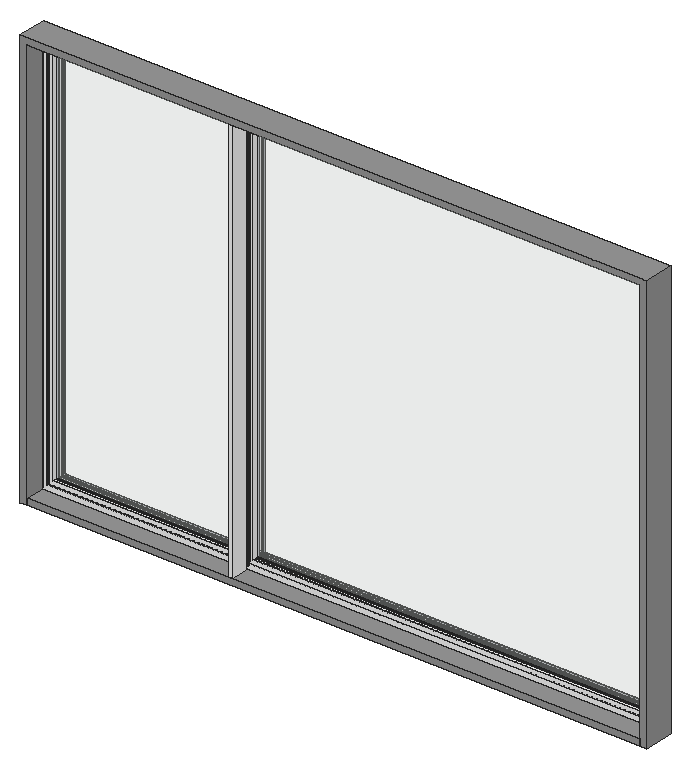
Revit family "WBW_F_2vak Hor_1vak Ver", category Windows, host Wall, Revit 2013
Parameters
  Versterking Buitenzijde = no
  Versterking Binnenzijde = yes
  VerborgenVleugelVerzwaard = no
  URL = "http://www.kawneer.com/bcs/architectuursystemen/en/about/locations.asp"
  Type Comments = "Vrij te parameteriseren Revit Model"  # constant formula
  Spouwdiepte = 130 mm
  Speling Pui_buitenblad MW Onderzijde = 10 mm
  Speling Pui_ buitenblad MW = 10 mm
  ScheduleType |RF| = "WBC_W_F"
  RT 72 = no
  RT 62 = yes
  RT 52 = no
  Operation = "IfcWindow"
  OffsetVkKozijnVkStelkozijn = 13 mm
  Nen 5096 R.c. 2 = no
  NL-SfB-Code = "31.21.22"  # constant formula
  Model = "NLSfb naam"
  Manufacturer Tel. = "+31341-464631 / harold.kok@Kawneer.com"  # constant formula
  Manufacturer = ""
  Kleur H&S = NVT
  Kleur Buitenzijde Vleugel = Kawneer RAL 9010
  Kleur Buitenzijde = Kawneer RAL 9010
  Kleur Binnenzijde Vleugel = Kawneer RAL 9010
  Kleur Binnenzijde = Kawneer RAL 9010
  Keynote = "30.34"
  Hoogte Tussen regel 5 = 0 mm
  Hoogte Tussen regel 4 = 0 mm
  Hoogte Tussen regel 3 = 0 mm
  Hoogte Tussen regel 2 = 0 mm
  Hoogte Tussen regel 1 = 0 mm
  Height = 1800 mm
  HalveSpouw_OffsetVkKozijn_Stelkozijn = HalveSpouw + OffsetVkKozijnVkStelkozijn  # 78 mm
  HalveSpouw = Spouwdiepte / 2  # 65 mm
  GlassType = Glass, Clear Glazing, Low E
  Glasdikte (totaal) = 29 mm  # constant formula
  DikteStelkozijn_SpelingPui_BuitenbladMW = Dikte Stelkozijn - Speling Pui_ buitenblad MW  # 17 mm
  DikteStelkozijnOnderzijde_SpelingPui_BuitenbladMWOnderzijde = Dikte Stelkozijn onderzijde - Speling Pui_buitenblad MW Onderzijde  # 17 mm
  Dikte Stelkozijn onderzijde = 27 mm
  Dikte Stelkozijn = 27 mm
  Diepte Versterking Buitenzijde_30_50_85 = 30 mm
  Diepte Versterking Binnenzijde_30_55_75 = 75 mm
  Description = if(RT 52, "Kawneer RT 52 Raam volgens bijbehorende productomschrijving' Standaard systeemomschrijving RT 52 standaard vlak'", if(RT 62, "Kawneer RT 62 Raam volgens bijbehorende productomschrijving 'Standaard systeemomschrijving RT 62 standaard vlak'", "Kawneer RT 72 Raam volgens bijbehorende productomschrijving 'Standaard systeemomschrijving RT 72 standaard vlak'"))  # "Kawneer RT 62 Raam volgens bijbehorende productomschrijving 'Standaard systeemomschrijving RT 62 standaard vlak'"
  Default Sill Height = 450 mm
  Wall Closure = By host
  Width = 2700 mm
  Cost = 0
  BreedteMaat_5 = 0 mm
  BreedteMaat_4 = 0 mm
  BreedteMaat_3 = 0 mm
  BreedteMaat_2 = Width * (2 / 3)  # 1800 mm
  BreedteMaat_1 = Width * (1 / 3)  # 900 mm
  Brandwerendheid_old = no
  Brandwerendheid = no
  Brandwerend volgens: = if(and(RT 52, Brandwerendheid), "Niet mogelijk binnen dit systeem_kiest u RT 62 of RT 72", if(and(RT 62, Brandwerendheid), "Nen 6069 criteria Ew30 mits uitgevoerd conform rapport 2010-Efectis-R0226[Rev.4] Brandbeoordeling EW 30", if(and(RT 72, Brandwerendheid), "Nen 6069 criteria Ew30 mits uitgevoerd concorm rapport g2013005803r001DGMR RT72 brandbeoordeling EW30", "-")))  # "-"
  Beslag Resume 05 = if(Nen 5096 R.c. 2, "Inbraakwerend volgens attest ALCOA SKG.0055.0292.07.NL (klasse 2)", "Niet inbraakwerend")  # "Niet inbraakwerend"
  Beslag Resume 04 = "Vaste beglazing"  # constant formula
  Assembly Code = "B2020110"
  Analytic Construction = "<None>"
  Aanzichtbreedte Tussen Stijlen _68_78_88_110_150_200mm = 78
  Aanzichtbreedte Tussen Regels _68_78_88_110_150_200mm = 200
  Aanzichtbreedte Kozijn Profielen_68_78_88_110_150mm = 68
  AanzichtLijnDraai = no
  Aanzicht Tussen Stijl 88mm = (Aanzichtbreedte Tussen Stijlen _68_78_88_110_150_200mm = 88)  # no
  Aanzicht Tussen Stijl 78mm = (Aanzichtbreedte Tussen Stijlen _68_78_88_110_150_200mm = 78)  # yes
  Aanzicht Tussen Stijl 68mm = (Aanzichtbreedte Tussen Stijlen _68_78_88_110_150_200mm = 68)  # no
  Aanzicht Tussen Stijl 200mm = (Aanzichtbreedte Tussen Stijlen _68_78_88_110_150_200mm = 200)  # no
  Aanzicht Tussen Stijl 150mm = (Aanzichtbreedte Tussen Stijlen _68_78_88_110_150_200mm = 150)  # no
  Aanzicht Tussen Stijl 110mm = (Aanzichtbreedte Tussen Stijlen _68_78_88_110_150_200mm = 110)  # no
  Aanzicht Tussen Stijl = ""
  Aanzicht Tussen Regel 88mm = (Aanzichtbreedte Tussen Regels _68_78_88_110_150_200mm = 88)  # no
  Aanzicht Tussen Regel 78mm = (Aanzichtbreedte Tussen Regels _68_78_88_110_150_200mm = 78)  # no
  Aanzicht Tussen Regel 68mm = (Aanzichtbreedte Tussen Regels _68_78_88_110_150_200mm = 68)  # no
  Aanzicht Tussen Regel 200mm = (Aanzichtbreedte Tussen Regels _68_78_88_110_150_200mm = 200)  # yes
  Aanzicht Tussen Regel 150mm = (Aanzichtbreedte Tussen Regels _68_78_88_110_150_200mm = 150)  # no
  Aanzicht Tussen Regel 110mm = (Aanzichtbreedte Tussen Regels _68_78_88_110_150_200mm = 110)  # no
  Aanzicht Tussen Regel = ""
  Aanzicht Kader 88mm = (Aanzichtbreedte Kozijn Profielen_68_78_88_110_150mm = 88)  # no
  Aanzicht Kader 78mm = (Aanzichtbreedte Kozijn Profielen_68_78_88_110_150mm = 78)  # no
  Aanzicht Kader 68mm = (Aanzichtbreedte Kozijn Profielen_68_78_88_110_150mm = 68)  # yes
  Aanzicht Kader 110mm = (Aanzichtbreedte Kozijn Profielen_68_78_88_110_150mm = 110)  # no
  Aanzicht Kader = ""
Reference planes
  plane 1 "Center (Front/Back)": y = 0
  plane 2 "Center (Left/Right)": x = 0
  plane 3 "Left": x = -1350
  plane 4 "Right": x = 1350
  plane 5 "Sill": z = 450
  plane 6 "Head": z = 2250
  plane 7 "Exterior": y = 100
  plane 8 "Interior": y = -100
  plane 9 "Dagkant Buitenblad metselwerk Links": x = -1360
  plane 10 "Dagkant Buitenblad metselwerk Rechts": x = 1360
  plane 11 "Dagkant Stelkozijn_Binnenblad metselwewrk Links": x = -1333
  plane 12 "Dagkant Stelkozijn_Binnenblad metselwewrk Rechts": x = 1333
  plane 13 "VK Pui": y = 78
  plane 14 "AK Buitenblad MW": y = 90
  plane 15 "VK Stelkozijn": y = 65
  plane 16 "AK Pui": y = -40
  plane 17 "VK Binnenblad MW": y = -65
  plane 18: z = 2260
  plane 19: z = 2233
  plane 20: z = 467
  plane 21: z = 440
Forms (mm)
  Sweep 1, void
    path origin (0, 100, 0) x (1, 0, 0) y (0, 0, 1)
      loop
        line (1350, 2250) -> (-1350, 2250) -> (-1350, 450) -> (1350, 450) -> (1350, 2250)
    profile origin (0, 100, 2250) x (0, 0, -1) y (0, -1, 0)
      loop
        line (-10, 0) -> (17, 0) -> (17, 165) -> (-10, 165) -> (-10, 0)
  Extrusion 2, void
    sketch origin (0, 100, 0) x (1, 0, 0) y (0, 0, 1)
      loop
        line (1333, 2233) -> (-1333, 2233) -> (-1333, 467) -> (1333, 467) -> (1333, 2233)
    from 0 to 200
  Sweep 3, solid, material "Wood"
    path origin (0, 0, 0) x (1, 0, 0) y (0, 0, 1)
      loop
        line (1349.822, 440) -> (1349.822, 2250) -> (-1350, 2250) -> (-1350, 440)
    profile origin (-0.089, 0, 2250) x (0, 0, -1) y (0, -1, 0)
      loop
        line (-10, -65) -> (17, -65) -> (17, 65) -> (-10, 65) -> (-10, -65)
  Sweep 4, solid, material "Wood"
    path origin (0, 0, 0) x (1, 0, 0) y (0, 0, 1)
      loop
        line (1332.822, 450) -> (-1333, 450)
    profile origin (-0.089, 0, 450) x (0, 0, -1) y (0, -1, 0)
      loop
        line (-17, -65) -> (10, -65) -> (10, 65) -> (-17, 65) -> (-17, -65)
Text (mm)
  text "EXTERIOR" at (-1963.203, 1332.353, 0), in view "Ref. Level"
  text "INTERIOR" at (-1981.466, -818.386, 0), in view "Ref. Level"
  text "Exterior" at (0, 923.751, 2943.296), in view "Right"
  text "Exterior" at (0, 1040.484, 2685.409), in view "Left"
Dimensions and locks
  equal spacing: plane 3 "Left", plane 2 "Center (Left/Right)", plane 4 "Right"
  "Width": plane 3 "Left" to plane 4 "Right"
  "Height": plane 5 "Sill" to plane 6 "Head"
  "Default Sill Height": plane 5 "Sill" to level
  locked: plane 7 "Exterior" to host wall at 0
  locked: plane 8 "Interior" to host wall
  "Speling Pui_ buitenblad MW": plane 9 "Dagkant Buitenblad metselwerk Links" to plane 3 "Left"
  "Speling Pui_ buitenblad MW": plane 4 "Right" to plane 10 "Dagkant Buitenblad metselwerk Rechts"
  "DikteStelkozijn_SpelingPui_BuitenbladMW": plane 3 "Left" to plane 11 "Dagkant Stelkozijn_Binnenblad metselwewrk Links"
  "DikteStelkozijn_SpelingPui_BuitenbladMW": plane 12 "Dagkant Stelkozijn_Binnenblad metselwewrk Rechts" to plane 4 "Right"
  "Speling Pui_ buitenblad MW": plane 6 "Head" to plane 18
  "Speling Pui_buitenblad MW Onderzijde": plane 5 "Sill" to plane 21
  "DikteStelkozijn_SpelingPui_BuitenbladMW": plane 19 to plane 6 "Head"
  "DikteStelkozijnOnderzijde_SpelingPui_BuitenbladMWOnderzijde": plane 5 "Sill" to plane 20
  "HalveSpouw": plane 15 "VK Stelkozijn" to plane 1 "Center (Front/Back)"
  "HalveSpouw": plane 1 "Center (Front/Back)" to plane 17 "VK Binnenblad MW"
  "HalveSpouw_OffsetVkKozijn_Stelkozijn": plane 13 "VK Pui" to plane 1 "Center (Front/Back)"
  aligned and locked: Sweep 1 sketch curve to plane 6 "Head"
  aligned and locked: Sweep 1 sketch curve to plane 4 "Right"
  aligned and locked: plane 5 "Sill" to Sweep 1 sketch curve
  aligned and locked: plane 3 "Left" to Sweep 1 sketch curve
  aligned and locked: Sweep 1 sketch curve to plane 18
  aligned and locked: plane 19 to Sweep 1 sketch curve
  aligned and locked: plane 17 "VK Binnenblad MW" to Sweep 1 sketch curve
  aligned and locked: Extrusion 2 sketch curve to Sweep 1  (x4)
  aligned and locked: host wall to Extrusion 2
  aligned and locked: Sweep 3 sketch curve to plane 6 "Head"
  aligned and locked: Sweep 3 sketch curve to plane 18
  aligned and locked: Sweep 3 sketch curve to plane 15 "VK Stelkozijn"
  aligned and locked: plane 19 to Sweep 3 sketch curve
  aligned and locked: plane 17 "VK Binnenblad MW" to Sweep 3 sketch curve
  aligned and locked: plane 21 to Sweep 3 sketch curve
  aligned and locked: plane 3 "Left" to Sweep 3 sketch curve
  aligned and locked: Sweep 4 sketch curve to plane 20
  aligned and locked: Sweep 4 sketch curve to plane 15 "VK Stelkozijn"
  aligned and locked: Sweep 4 sketch curve to Sweep 3  (x2)
  aligned and locked: nested 1 to plane 13 "VK Pui"
  aligned and locked: plane 6 "Head" to nested 1
  aligned and locked: plane 4 "Right" to nested 1
Automatic sketch dimensions
  Sweep 1 sketch curve to plane 7 "Exterior" = 0 mm
  Sweep 3 sketch curve to plane 21 = 0 mm
  plane 4 "Right" to Sweep 3 sketch curve = 0.178 mm
  Sweep 4 sketch curve to plane 5 "Sill" = 0 mm
  plane 11 "Dagkant Stelkozijn_Binnenblad metselwewrk Links" to Sweep 4 sketch curve = 0 mm
  plane 12 "Dagkant Stelkozijn_Binnenblad metselwewrk Rechts" to Sweep 4 sketch curve = 0.178 mm
Nested families
  nested 1: "GMW_F_2vak Hor_1vak Ver" at (0, 78, 450), type "GMW_F_2vak Hor_1vak Ver"
    with HLPM 2145 mm
Definition of nested family "GMW_F_2vak Hor_1vak Ver"
  Parameters (values of type "GMW_F_2vak Hor_1vak Ver")
    Width = 2700 mm
    Versterking Buitenzijde = no
    Versterking Binnenzijde = yes
    VerborgenWaterAfvoer = no
    SysteemDiepteVleugel = SysteemDiepte + 7.8 mm  # 70 mm
    SysteemDiepte = if(RT 52, 52.2 mm, if(RT 62, 62.2 mm, 72.2 mm))  # 62.2 mm
    SweepOffset = (BodyHeight + 44 mm) / 2  # 34 mm
    ScharnierenAan_Uit = yes
    RT 72 = no
    RT 62 = yes
    RT 52 = no
    P3vleugel = SysteemDiepteVleugel - 32 mm  # 38 mm
    P3 = SysteemDiepte - 20.7 mm  # 41.5 mm
    Kleur H&S = NVT
    Kleur Buitenzijde Vleugel = none
    Kleur Buitenzijde = none
    Kleur Binnenzijde Vleugel = Kawneer RAL 9001
    Kleur Binnenzijde = Kawneer RAL 9001
    IsoPositionerVent = if(Aanzicht Vleugel 35mm, 42.7 mm, if(Aanzicht Vleugel 45mm, 52.7 mm, 73.7 mm))  # 52.7 mm
    IsoPositionerTProfile = if(Aanzicht Kader 68mm, 41 mm, if(Aanzicht Kader 78mm, 51 mm, if(Aanzicht Kader 88mm, 61 mm, 83 mm)))  # 41 mm
    Hoogte tussen regel = 645 mm
    Hoogte Tussen regel 5 = 0 mm
    Hoogte Tussen regel 4 = 0 mm
    Hoogte Tussen regel 3 = 0 mm
    Hoogte Tussen regel 2 = 0 mm
    Hoogte Tussen regel 1 = 0 mm
    Height = 1800 mm
    Handgreep SI_line = no
    Handgreep A_line = no
    HLPM [instance] = 2145 mm
    Glassponning 2 = BodyHeight / 2  # 12 mm
    Glassponning 1 = BodyHeight / 2  # 12 mm
    GlassType = Glass, Clear Glazing, Low E
    Glasdikte (totaal) = 29 mm
    Diepte Versterking Buitenzijde_30_50_85 = 30 mm
    Diepte Versterking Binnenzijde_30_55_75 = 75 mm
    BreedteMaat_5 = 0 mm
    BreedteMaat_4 = 0 mm
    BreedteMaat_3 = 0 mm
    BreedteMaat_2 = 1800 mm
    BreedteMaat_1 = 900 mm
    BodyHeightVent = if(Aanzicht Vleugel 35mm, 15.7 mm, if(Aanzicht Vleugel 45mm, 25.7 mm, 46.7 mm))  # 25.7 mm
    BodyHeight = if(Aanzicht Kader 68mm, 24 mm, if(Aanzicht Kader 78mm, 34 mm, if(Aanzicht Kader 88mm, 44 mm, 66 mm)))  # 24 mm
    Beslag Nen 5096 R.c. 3 = no
    Beslag Nen 5096 R.c. 2 = no
    AanzichtlLijnVal = no
    AanzichtLijnDraai = no
    Aanzicht Vleugel 66mm = no
    Aanzicht Vleugel 45mm = yes
    Aanzicht Vleugel 35mm = no
    Aanzicht Vleugel = ""
    Aanzicht Tussen Stijl 88mm = no
    Aanzicht Tussen Stijl 78mm = yes
    Aanzicht Tussen Stijl 68mm = no
    Aanzicht Tussen Stijl 200mm = no
    Aanzicht Tussen Stijl 150mm = no
    Aanzicht Tussen Stijl 110mm = no
    Aanzicht Tussen Stijl = ""
    Aanzicht Tussen Regel 88mm = no
    Aanzicht Tussen Regel 78mm = no
    Aanzicht Tussen Regel 68mm = no
    Aanzicht Tussen Regel 200mm = yes
    Aanzicht Tussen Regel 150mm = no
    Aanzicht Tussen Regel 110mm = no
    Aanzicht Tussen Regel = ""
    Aanzicht Kader 88mm = no
    Aanzicht Kader 78mm = no
    Aanzicht Kader 68mm = yes
    Aanzicht Kader 110mm = no
    Aanzicht Kader = ""
  Reference planes
    plane 1 "Center (Front/Back)": y = 0
    plane 2: z = 0
    plane 3 "Center (Left/Right)": x = 0
    plane 4 "LP Top": z = 1800
    plane 5 "LP Left": x = -1350
    plane 6 "LP Right": x = 1350
    plane 7: y = 7.6
    plane 8: y = 36.6
    plane 9: y = 62.2
    plane 10: z = 0
    plane 11 "LP Bottom": z = 0
    plane 12 "Deler#1": x = -770
    plane 13: x = -450
  Dimensions and locks
    plane 1 "Center (Front/Back)" to plane 7 = 7.6 mm
    plane 7 to plane 8 = 29 mm
    "SysteemDiepte": plane 1 "Center (Front/Back)" to plane 9
    "Height": plane 4 "LP Top" to plane 11 "LP Bottom"
    "Width": plane 5 "LP Left" to plane 6 "LP Right"
    equal spacing: plane 5 "LP Left", plane 3 "Center (Left/Right)", plane 6 "LP Right"
    "BreedteMaat_1": plane 5 "LP Left" to plane 13
    aligned and locked: level to plane 2
    aligned and locked: plane 5 "LP Left" to nested 1
    aligned and locked: plane 6 "LP Right" to nested 1
    aligned and locked: nested 1 to nested 2  (x2)
    aligned and locked: nested 2 to plane 13
    aligned and locked: plane 1 "Center (Front/Back)" to nested 4
    aligned and locked: nested 2 to nested 4
    aligned and locked: nested 1 to nested 3  (x3)
    aligned and locked: nested 3 to nested 2
    aligned and locked: nested 1 to nested 4  (x2)
    aligned and locked: nested 4 to nested 1
    aligned and locked: nested 1 to plane 2
    aligned and locked: level to plane 11 "LP Bottom"
    aligned and locked: nested 1 to plane 4 "LP Top"
  Nested families
    nested 1: "KADER" at (0, 0, 0), type "KADER"
      with HLPM 1800 mm, BLMP 2700 mm, SysteemDiepte 62.2 mm, RT 72 no, RT 62 yes, P3 41.5 mm
    nested 2: "RT 72V T profiel REINF" at (-450, 0, 894), type "T"
      with FPL 1720 mm
    nested 3: "Glasvast" at (435.5, 0, 895.37), type "Glasvast"
      with Grip#2 1737 mm, Grip#1 1720 mm
    nested 4: "Glasvast" at (-885.5, 0, 895.37), type "Glasvast"
      with Grip#2 837 mm, Grip#1 1720 mm
  Definition of nested family "KADER"
    Parameters (values of type "KADER")
      VerborgenWaterAfvoer = yes
      SysteemDiepte = 72.2 mm
      SweepOffset = 34 mm
      RT 72 = yes
      RT 62 = no
      RT 52 = no
      P3 = 51.5 mm
      Kleur Buitenzijde = none
      Kleur Binnenzijde = none
      IsoPositionerTProfile = 41 mm
      HLPM [instance] = 1800 mm
      Glassponning 2 = 12 mm
      Glassponning 1 = 12 mm
      BodyHeight = 24 mm
      BLMP [instance] = 1200 mm
      Aanzicht Kader 88mm = no
      Aanzicht Kader 78mm = no
      Aanzicht Kader 68mm = yes
      Aanzicht Kader 110mm = no
    Reference planes
      plane 1 "Center (Front/Back)": y = 0
      plane 2: z = 0
      plane 3 "Center (Left/Right)": x = 0
      plane 4 "LP Top": z = 1800
      plane 5: z = 1778
      plane 6: z = 1754
      plane 7: z = 22
      plane 8: z = 46
      plane 9: x = -566
      plane 10: x = -578
      plane 11 "LP Left": x = -600
      plane 12: x = 554
      plane 13: x = 578
      plane 14 "LP Right": x = 600
      plane 15: x = -554
      plane 16: z = 34
      plane 17: z = 1766
      plane 18: x = 566
      plane 19: z = 0
      plane 20 "BinnenzijdeKozijn": y = 72.2
    Forms (mm)
      Sweep 1, solid, material <- "Kleur Buitenzijde"
        path origin (0, 0, 0) x (1, 0, 0) y (0, 0, 1)
          loop
            line (566, 34) -> (566, 1766) -> (-566, 1766) -> (-566, 34) -> (566, 34)
        profile "T VWA buitenschaal : RT NL" origin (0, 0, 34) x (0, 0, -1) y (0, -1, 0)
          loop
            line (34, 0) -> (-34, 0) -> (-34, -4) -> (-31.5, -4) -> (-31.5, -3) -> (-32.8, -3) -> (-32.8, -1.4) -> (-27.2, -1.4) -> (-27.2, -3) -> (-28.5, -3) -> (-28.5, -4) -> (-24.5, -4) -> (-24.5, -3.2) -> (-26, -3.2) -> (-26, -1.6) -> (-23, -1.6) -> (-7, -1.806) -> (-7, -16.3) -> (-10.5, -16.3) -> (-10.5, -14.7) -> (-11.5, -14.7) -> (-11.5, -19.2) -> (-10.5, -19.2) -> (-10.5, -17.8) -> (-7, -17.8) -> (-7, -21.9) -> (-5.1, -20.7) -> (5.1, -20.7) -> (7, -21.9) -> (7, -17.8) -> (10.5, -17.8) -> (10.5, -19.2) -> (11.5, -19.2) -> (11.5, -14.7) -> (10.5, -14.7) -> (10.5, -16.3) -> (7, -16.3) -> (7, -10.2) -> (28.563, -10.2) -> (28.563, -9.2) -> (27.263, -9.2) -> (27.263, -7.6) -> (32.863, -7.6) -> (32.863, -9.2) -> (31.563, -9.2) -> (31.563, -10.2) -> (34, -10.2) -> (34, 0)
      Sweep 2, solid
        path origin (0, 0, 0) x (1, 0, 0) y (0, 0, 1)
          loop
            line (566, 34) -> (566, 1766) -> (-566, 1766) -> (-566, 34) -> (566, 34)
        profile "T-profiel Iso : RT NL" origin (0, 0, 34) x (0, 0, -1) y (0, -1, 0)
          loop
            line (4.886, -50.521) -> (6.95, -49.33) -> (6.95, -27.2) -> (11.45, -27.2) -> (11.45, -24.6) -> (10.45, -24.6) -> (10.45, -26) -> (6.95, -26) -> (6.95, -22.836) -> (4.886, -21.644) -> (4.886, -20.7) -> (-4.886, -20.7) -> (-4.886, -21.644) -> (-6.95, -22.836) -> (-6.95, -26) -> (-10.45, -26) -> (-10.45, -24.6) -> (-11.45, -24.6) -> (-11.45, -27.2) -> (-6.95, -27.2) -> (-6.95, -49.33) -> (-4.886, -50.521) -> (-4.886, -51.5) -> (4.886, -51.5) -> (4.886, -50.521)
      Sweep 3, solid, material <- "Kleur Binnenzijde"
        path origin (0, 0, 0) x (1, 0, 0) y (0, 0, 1)
          loop
            line (566, 34) -> (566, 1766) -> (-566, 1766) -> (-566, 34) -> (566, 34)
        profile "T binnenschaal : RT NL" origin (0, 0, 34) x (0, 0, -1) y (0, -1, 0)
          loop
            line (12.003, -72.2) -> (12.003, -68) -> (10.503, -68) -> (10.503, -70.4) -> (7, -70.4) -> (7, -55.7) -> (10.503, -55.7) -> (10.503, -57.78) -> (11.803, -57.78) -> (11.803, -52.4) -> (10.503, -52.4) -> (10.503, -54) -> (7, -54) -> (7, -50.3) -> (5.1, -51.5) -> (-5.1, -51.5) -> (-7.062, -50.279) -> (-7.062, -54) -> (-10.497, -54) -> (-10.497, -52.4) -> (-11.797, -52.4) -> (-11.797, -57.8) -> (-10.497, -57.8) -> (-10.497, -55.7) -> (-7, -55.7) -> (-7, -70.4) -> (-10.497, -70.4) -> (-10.497, -68) -> (-11.997, -68) -> (-11.997, -72.2) -> (12.003, -72.2)
      Sweep 4, solid
        path origin (0, 0, 0) x (1, 0, 0) y (0, 0, 1)
          loop
            line (-600, 0) -> (600, 0) -> (600, 1800) -> (-600, 1800) -> (-600, 0)
        profile origin (-600, 0, 900) x (-1, 0, 0) y (0, -1, 0)
          loop
            line (-0.372, -10.397) -> (-2.491, -10.397) -> (-2.491, -9.06) -> (-1.662, -9.06) -> (-1.662, -7.996) -> (-6.3, -7.996) -> (-6.3, -9.06) -> (-5.389, -9.06) -> (-5.389, -10.397) -> (-8.271, -10.397) -> (-8.271, -12.283) -> (-6.728, -13.197) -> (-0.922, -13.197) -> (0.092, -12.184) -> (0.092, -11.075) -> (-0.372, -10.397)
    Lines and regions (mm)
      model lines
        curve 1: line (532, 0, 68) -> (600.092, 0, -0.092)
        curve 2: line (-532, 0, 68) -> (-600.092, 0, -0.092)
        curve 3: line (-600.092, 0, 1800.092) -> (-532, 0, 1732)
        curve 4: line (600, 0, 1800) -> (532, 0, 1732)
        curve 5: line (554.003, 72.2, 45.997) -> (578.003, 72.2, 21.997)
        curve 6: line (-554.003, 72.2, 45.997) -> (-578.003, 72.2, 21.997)
        curve 7: line (-554.003, 72.2, 1754.003) -> (-578.003, 72.2, 1778.003)
        curve 8: line (554.003, 72.2, 1754.003) -> (578.003, 72.2, 1778.003)
    Dimensions and locks
      equal spacing: plane 11 "LP Left", plane 3 "Center (Left/Right)", plane 14 "LP Right"
      "BLMP": plane 11 "LP Left" to plane 14 "LP Right"
      "SweepOffset": plane 4 "LP Top" to plane 17
      "SweepOffset": plane 16 to level
      "SweepOffset": plane 18 to plane 14 "LP Right"
      "SweepOffset": plane 11 "LP Left" to plane 9
      "Glassponning 1": plane 9 to plane 10
      "Glassponning 2": plane 15 to plane 9
      "Glassponning 1": plane 16 to plane 7
      "Glassponning 2": plane 8 to plane 16
      "Glassponning 2": plane 18 to plane 12
      "Glassponning 1": plane 13 to plane 18
      "Glassponning 1": plane 5 to plane 17
      "Glassponning 2": plane 17 to plane 6
      "HLPM": plane 4 "LP Top" to plane 19
      "SysteemDiepte": plane 1 "Center (Front/Back)" to plane 20 "BinnenzijdeKozijn"
      aligned and locked: level to plane 2
      aligned and locked: nested 2 to plane 1 "Center (Front/Back)"
      aligned and locked: plane 1 "Center (Front/Back)" to nested 1
      aligned and locked: nested 1 to plane 11 "LP Left"
      aligned and locked: nested 3 to plane 1 "Center (Front/Back)"
      aligned and locked: nested 3 to level
      aligned and locked: plane 1 "Center (Front/Back)" to nested 4
      aligned and locked: nested 4 to plane 4 "LP Top"
      aligned and locked: level to plane 19
      aligned and locked: curve 5 to Sweep 3
      aligned and locked: Sweep 3 to curve 5
      aligned and locked: Sweep 3 to curve 8
      aligned and locked: nested 2 to plane 14 "LP Right"
    Automatic sketch dimensions
      Sweep 1 sketch curve to plane 9 = 0 mm
      Sweep 1 sketch curve to plane 16 = 0 mm
      Sweep 1 sketch curve to plane 18 = 0 mm
      Sweep 1 sketch curve to plane 17 = 0 mm
      Sweep 2 sketch curve to plane 9 = 0 mm
      Sweep 2 sketch curve to plane 16 = 0 mm
      Sweep 2 sketch curve to plane 18 = 0 mm
      Sweep 2 sketch curve to plane 17 = 0 mm
      Sweep 3 sketch curve to plane 9 = 0 mm
      Sweep 3 sketch curve to plane 17 = 0 mm
      Sweep 3 sketch curve to plane 18 = 0 mm
      Sweep 3 sketch curve to plane 16 = 0 mm
      Sweep 4 sketch curve to plane 4 "LP Top" = 0 mm
      plane 14 "LP Right" to Sweep 4 sketch curve = 0 mm
      plane 11 "LP Left" to Sweep 4 sketch curve = 0 mm
      Sweep 4 sketch curve to level = 0 mm
      profile plane to Sweep 4 sketch curve = 8.271 mm
      Sweep 4 sketch curve to plane 1 "Center (Front/Back)" = 13.197 mm
      Sweep 4 sketch curve to Sweep 4 sketch curve = 1.543 mm
      Sweep 4 sketch curve to Sweep 4 sketch curve = 1.971 mm
      Sweep 4 sketch curve to Sweep 4 sketch curve = 0.91 mm
      profile plane to Sweep 4 sketch curve = 2.491 mm
      Sweep 4 sketch curve to Sweep 4 sketch curve = 0.829 mm
      profile plane to Sweep 4 sketch curve = 0.922 mm
      Sweep 4 sketch curve to profile plane = 0.092 mm
      profile plane to Sweep 4 sketch curve = 0.372 mm
      Sweep 4 sketch curve to Sweep 4 sketch curve = 0.914 mm
      Sweep 4 sketch curve to Sweep 4 sketch curve = 1.013 mm
      Sweep 4 sketch curve to Sweep 4 sketch curve = 1.886 mm
      Sweep 4 sketch curve to Sweep 4 sketch curve = 0 mm
      Sweep 4 sketch curve to Sweep 4 sketch curve = 1.338 mm  (x2)
      Sweep 4 sketch curve to Sweep 4 sketch curve = 1.063 mm
      Sweep 4 sketch curve to Sweep 4 sketch curve = 0.677 mm
      curve 4 to plane 4 "LP Top" = 0 mm
      curve 4 to plane 14 "LP Right" = 0 mm
      plane 12 to curve 1 = 22 mm
      plane 12 to curve 4 = 22 mm
      curve 3 to plane 15 = 22 mm
      curve 2 to plane 15 = 22 mm
      plane 11 "LP Left" to curve 2 = 0.092 mm
      plane 11 "LP Left" to curve 3 = 0.092 mm
      curve 1 to plane 14 "LP Right" = 0.092 mm
      curve 4 to plane 6 = 22 mm
      curve 3 to plane 6 = 22 mm
      plane 8 to curve 1 = 22 mm
      plane 8 to curve 2 = 22 mm
      curve 2 to level = 0.092 mm
      curve 1 to level = 0.092 mm
      plane 4 "LP Top" to curve 3 = 0.092 mm
      plane 5 to curve 8 = 0.003 mm
      plane 5 to curve 7 = 0.003 mm
      plane 6 to curve 8 = 0.003 mm
      plane 6 to curve 7 = 0.003 mm
      curve 6 to plane 8 = 0.003 mm
      curve 5 to plane 8 = 0.003 mm
      curve 6 to plane 7 = 0.003 mm
      curve 5 to plane 7 = 0.003 mm
      curve 8 to plane 12 = 0.003 mm
      plane 15 to curve 7 = 0.003 mm
      plane 15 to curve 6 = 0.003 mm
      curve 7 to plane 10 = 0.003 mm
      curve 6 to plane 10 = 0.003 mm
    Nested families
      nested 1: "T VWA" at (-600, 0, 0), type "T VWA"
        with IsoPositionerTProfile 41 mm, Aanzicht 68mm yes, Aanzicht 110mm no
      nested 2: "T VWA" at (600, 0, 0) x (-1, 0, 0) z (0, 0, 1), type "T VWA"
        with IsoPositionerTProfile 41 mm, Aanzicht 68mm yes, Aanzicht 110mm no
      nested 3: "T VWA" at (0, 0, 0) x (0, 0, 1) z (1, 0, 0), type "T VWA"
        with IsoPositionerTProfile 41 mm, Aanzicht 68mm yes, Aanzicht 110mm no
      nested 4: "T VWA" at (0, 0, 1800) x (0, 0, -1) z (1, 0, 0), type "T VWA"
        with IsoPositionerTProfile 41 mm, Aanzicht 68mm yes, Aanzicht 110mm no
    Definition of nested family "T VWA"
      Parameters (values of type "test T")
        SysteemDiepte = 72.2 mm
        RT 72 = yes
        RT 62 = no
        RT 52 = no
        IsoPositionerTProfile = if(Aanzicht 68mm, 41 mm, if(Aanzicht 78mm, 51 mm, if(Aanzicht 88mm, 61 mm, 83 mm)))  # 83 mm
        Aanzicht 88mm = no
        Aanzicht 78mm = no
        Aanzicht 68mm = no
        Aanzicht 110mm = yes
      Reference planes
        plane 1 "Center (Front/Back)": y = 0
        plane 2: z = 0
        plane 3 "Center (Left/Right)": x = 0
        plane 4: x = 33.893
        plane 5: x = 83
        plane 6: y = 28.95
        plane 7: y = 41.565
        plane 8: y = 72.2
      Lines and regions (mm)
        model lines, style "Medium Lines", in view "Ref. Level", detail levels medium
          curve 1: line (0, 0, 0) -> (115.4, 0, 0)
          curve 2: line (27.05, 49.442, 0) -> (27.05, 22.903, 0)
      Dimensions and locks
        "SysteemDiepte": plane 8 to plane 1 "Center (Front/Back)"
        "IsoPositionerTProfile": plane 3 "Center (Left/Right)" to plane 5
        aligned and locked: import instance to plane 8  (x2)
        aligned and locked: plane 8 to import instance  (x2)
        aligned and locked: plane 5 to import instance  (x2)
        aligned and locked: import instance to plane 5
        aligned and locked: curve 2 to import instance
        aligned and locked: import instance to import instance  (x3)
      Automatic sketch dimensions
        curve 1 to plane 3 "Center (Left/Right)" = 0 mm
        plane 1 "Center (Front/Back)" to curve 1 = 0 mm
        plane 5 to curve 1 = 32.4 mm
        curve 2 to plane 6 = 6.047 mm
        plane 7 to curve 2 = 7.878 mm
  Definition of nested family "RT 72V T profiel REINF"
    Parameters (values of type "T")
      voidref1 = (BodyHeight + 44 mm) / 2  # 39 mm
      Voidpar#1 = BodyHeight + 44 mm  # 78 mm
      Versterking Buitenzijde = no
      Versterking Binnenzijde = yes
      URL = "http:\\\\www.alcoa-architectuursystemen.nl"
      Type Comments = "ALCOA"  # constant formula
      SysteemDiepte = 62.2 mm
      ReinforcementInteriorLength = KaderLink  # 24 mm
      ReinforcementInterior = and(Aanzicht Tussen Stijl 78mm, Versterking Binnenzijde)  # yes
      ReinforcementExteriorLenght = KaderLink + 22 mm  # 46 mm
      ReinforcementExterior = and(Aanzicht Tussen Stijl 78mm, Versterking Buitenzijde)  # no
      RT 72 = no
      RT 62 = yes
      RT 52 = no
      P3 = 41.5 mm
      Kleur buitenschaal = none
      Kleur binnenschaal = none
      KaderLink = 24 mm
      Glassponning 2 = BodyHeight / 2  # 17 mm
      Glassponning 1 = BodyHeight / 2  # 17 mm
      FPL [instance] = 2000 mm
      Diepte Versterking Buitenzijde_30_50_85 = 30 mm
      Diepte Versterking Binnenzijde_30_55_75 = 75 mm
      Default Elevation = 1219.2 mm
      BodyHeight = if(Aanzicht Tussen Stijl 68mm, 24 mm, if(Aanzicht Tussen Stijl 78mm, 34 mm, if(Aanzicht Tussen Stijl 88mm, 44 mm, if(Aanzicht Tussen Stijl 110mm, 66 mm, if(Aanzicht Tussen Stijl 150mm, 106 mm, 156 mm)))))  # 34 mm
      Aanzicht Tussen Stijl 88mm = no
      Aanzicht Tussen Stijl 78mm = yes
      Aanzicht Tussen Stijl 68mm = no
      Aanzicht Tussen Stijl 200mm = no
      Aanzicht Tussen Stijl 150mm = no
      Aanzicht Tussen Stijl 110mm = no
    Reference planes
      plane 1 "Center (Front/Back)": y = 0
      plane 2: z = 0
      plane 3 "Center (Left/Right)": x = 0
      plane 4 "Left edge": x = 0
      plane 5 "Right edge": x = 0
      plane 6 "TOP": z = 1000
      plane 7 "Bottom": z = -1000
      plane 8 "Glassponning 1": x = -17
      plane 9 "Glassponning 2": x = 17
      plane 10: z = 1046
      plane 11: z = -1046
      plane 12: z = 1024
      plane 13: z = -1024
    Forms (mm)
      Sweep 1, solid, material "Plastic, Opaque Black"
        path origin (0, 0, -58.778) x (0, 0, 1) y (-1, 0, 0)
          loop
            line (-941.222, 0) -> (1058.778, 0)
        profile "T-profiel Iso : RT NL" origin (0, 0, 0) x (-1, 0, 0) y (0, -1, 0)
          loop
            line (-9.886, -40.521) -> (-9.886, -41.5) -> (9.886, -41.5) -> (9.886, -40.521) -> (11.95, -39.33) -> (11.95, -27.2) -> (16.45, -27.2) -> (16.45, -24.6) -> (15.45, -24.6) -> (15.45, -26) -> (11.95, -26) -> (11.95, -22.836) -> (9.886, -21.644) -> (9.886, -20.7) -> (-9.886, -20.7) -> (-9.886, -21.644) -> (-11.95, -22.836) -> (-11.95, -26) -> (-15.45, -26) -> (-15.45, -24.6) -> (-16.45, -24.6) -> (-16.45, -27.2) -> (-11.95, -27.2) -> (-11.95, -39.33) -> (-9.886, -40.521)
      Sweep 2, solid, material <- "Kleur buitenschaal"
        path origin (0, 0, -58.778) x (0, 0, 1) y (-1, 0, 0)
          loop
            line (-941.222, 0) -> (1058.778, 0)
        profile "T buitenschaal : RT NL" origin (0, 0, 0) x (-1, 0, 0) y (0, -1, 0)
          loop
            line (-39, 0) -> (-39, -4) -> (-36.5, -4) -> (-36.5, -3) -> (-37.8, -3) -> (-37.8, -1.4) -> (-32.2, -1.4) -> (-32.2, -3) -> (-33.5, -3) -> (-33.5, -4) -> (-29.5, -4) -> (-29.5, -3.2) -> (-31, -3.2) -> (-31, -1.6) -> (-28, -1.6) -> (-12, -1.806) -> (-12, -16.3) -> (-15.5, -16.3) -> (-15.5, -14.7) -> (-16.5, -14.7) -> (-16.5, -19.2) -> (-15.5, -19.2) -> (-15.5, -17.8) -> (-12, -17.8) -> (-12, -21.886) -> (-9.886, -20.666) -> (9.886, -20.666) -> (12, -21.886) -> (12, -17.8) -> (15.5, -17.8) -> (15.5, -19.2) -> (16.5, -19.2) -> (16.5, -14.7) -> (15.5, -14.7) -> (15.5, -16.3) -> (12, -16.3) -> (12, -1.806) -> (28, -1.6) -> (31, -1.6) -> (31, -3.2) -> (29.5, -3.2) -> (29.5, -4) -> (33.5, -4) -> (33.5, -3) -> (32.2, -3) -> (32.2, -1.4) -> (37.8, -1.4) -> (37.8, -3) -> (36.5, -3) -> (36.5, -4) -> (39, -4) -> (39, 0) -> (-39, 0)
      Sweep 3, solid, material <- "Kleur binnenschaal"
        path origin (0, 0, -58.778) x (0, 0, 1) y (-1, 0, 0)
          loop
            line (-941.222, 0) -> (1058.778, 0)
        profile "T binnenschaal : RT NL" origin (0, 0, 0) x (-1, 0, 0) y (0, -1, 0)
          loop
            line (-17.003, -62.2) -> (16.997, -62.2) -> (16.997, -58) -> (15.497, -58) -> (15.497, -60.4) -> (12, -60.4) -> (12, -45.7) -> (15.497, -45.7) -> (15.497, -47.8) -> (16.797, -47.8) -> (16.797, -42.4) -> (15.497, -42.4) -> (15.497, -44) -> (12.062, -44) -> (12.062, -40.279) -> (10.1, -41.5) -> (-10.1, -41.5) -> (-12, -40.3) -> (-12, -44) -> (-15.503, -44) -> (-15.503, -42.4) -> (-16.803, -42.4) -> (-16.803, -47.78) -> (-15.503, -47.78) -> (-15.503, -45.7) -> (-12, -45.7) -> (-12, -60.4) -> (-15.503, -60.4) -> (-15.503, -58) -> (-17.003, -58) -> (-17.003, -62.2)
      Extrusion 4, void
        sketch origin (0, 0, -13.516) x (0, 0, 1) y (0, 1, 0)
          loop
            line (1013.516, 0) -> (1013.516, 4) -> (991.516, 4) -> (991.516, 0) -> (1013.516, 0)
        from 100 to -100
      Extrusion 5, void
        sketch origin (0, 0, -13.516) x (0, 0, 1) y (0, 1, 0)
          loop
            line (-986.484, 0) -> (-964.484, 0) -> (-964.484, 4) -> (-986.484, 4) -> (-986.484, 0)
        from 100 to -100
      Sweep 6, solid, material <- "Kleur buitenschaal", visible <- "ReinforcementExterior"
        path origin (0, 0, 0) x (1, 0, 0) y (0, 0, 1)
          loop
            line (0, 1046) -> (0, -1046)
        profile origin (0, 0, 0) x (0, -1, 0) y (1, 0, 0)
          loop
            line (0, -19) -> (30, -19) -> (30, 19) -> (0, 19) -> (0, -19)
      Sweep 7, solid, material <- "Kleur binnenschaal", visible <- "ReinforcementInterior"
        path origin (0, 0, 0) x (1, 0, 0) y (0, 0, 1)
          loop
            line (0, 1024) -> (0, -1024)
        profile origin (0, 0, 0) x (0, -1, 0) y (1, 0, 0)
          loop
            line (-62.2, -7) -> (-62.2, 7) -> (-137.2, 7) -> (-137.2, -7) -> (-62.2, -7)
    Cuts and joins
      Extrusion 4, Extrusion 5 cuts Sweep 2
    Text (mm)
      text "Left edge" at (-175.589, 0, 1120.566), in view "Front"
      text "Right edge" at (112.009, 0, 1120.566), in view "Front"
    Dimensions and locks
      "FPL": plane 6 "TOP" to plane 7 "Bottom"
      equal spacing: plane 6 "TOP", level, plane 7 "Bottom"
      "Glassponning 1": plane 8 "Glassponning 1" to plane 3 "Center (Left/Right)"
      "Glassponning 2": plane 9 "Glassponning 2" to plane 3 "Center (Left/Right)"
      "ReinforcementExteriorLenght": plane 10 to plane 6 "TOP"
      "ReinforcementExteriorLenght": plane 7 "Bottom" to plane 11
      Sweep 6 sketch curve to Sweep 6 sketch curve = 38 mm
      "Diepte Versterking Buitenzijde_30_50_85": Sweep 6 sketch curve to Sweep 6 sketch curve
      "ReinforcementInteriorLength": plane 7 "Bottom" to plane 13
      "ReinforcementInteriorLength": plane 12 to plane 6 "TOP"
      "Diepte Versterking Binnenzijde_30_55_75": Sweep 7 sketch curve to Sweep 3
      aligned and locked: level to plane 2
      aligned and locked: plane 7 "Bottom" to Sweep 1
      aligned and locked: plane 7 "Bottom" to cut or joined group of Sweep 2, Extrusion 4, Extrusion 5
      aligned and locked: plane 7 "Bottom" to Sweep 3
      aligned and locked: plane 6 "TOP" to Sweep 3 sketch curve
      aligned and locked: Sweep 3 to Sweep 2 sketch curve
      aligned and locked: Sweep 1 sketch curve to cut or joined group of Sweep 2, Extrusion 4, Extrusion 5
      aligned and locked: plane 6 "TOP" to Extrusion 4 sketch curve
      aligned and locked: plane 13 to Sweep 7 sketch curve
      aligned and locked: Sweep 7 sketch curve to plane 3 "Center (Left/Right)"
      aligned and locked: Sweep 7 sketch curve to Sweep 3
      aligned and locked: plane 1 "Center (Front/Back)" to nested 1
      aligned and locked: plane 5 "Right edge" to nested 1
    Automatic sketch dimensions
      Extrusion 5 sketch curve to plane 1 "Center (Front/Back)" = 0 mm
      Extrusion 5 sketch curve to plane 1 "Center (Front/Back)" = 4 mm
      plane 7 "Bottom" to Extrusion 5 sketch curve = 0 mm
      Extrusion 5 sketch curve to Extrusion 5 sketch curve = 22 mm
      plane 3 "Center (Left/Right)" to Sweep 3 sketch curve = 0 mm
      Sweep 3 sketch curve to plane 7 "Bottom" = 0 mm
      plane 3 "Center (Left/Right)" to Sweep 2 sketch curve = 0 mm
      Sweep 2 sketch curve to plane 7 "Bottom" = 0 mm
      plane 3 "Center (Left/Right)" to Sweep 1 sketch curve = 0 mm
      Sweep 1 sketch curve to plane 7 "Bottom" = 0 mm
      Extrusion 4 sketch curve to plane 1 "Center (Front/Back)" = 0 mm
      Extrusion 4 sketch curve to plane 6 "TOP" = 22 mm
      Extrusion 4 sketch curve to plane 1 "Center (Front/Back)" = 4 mm
      plane 3 "Center (Left/Right)" to Sweep 6 sketch curve = 0 mm
      Sweep 6 sketch curve to plane 11 = 0 mm
      Sweep 6 sketch curve to plane 10 = 0 mm
      Sweep 7 sketch curve to plane 12 = 0 mm
      plane 1 "Center (Front/Back)" to Sweep 6 sketch curve = 0 mm
      profile plane to Sweep 6 sketch curve = 19 mm
      profile plane to Sweep 7 sketch curve = 7 mm
      Sweep 7 sketch curve to profile plane = 7 mm
    Nested families
      nested 1: "DI_RT_TussenStijl" at (0, 0, 0), type "DI_RT_TussenStijl"
        with VersterkingInterior_75 yes, VersterkingInterior_30 no, VersterkingExterior_30 no, Versterking Buitenzijde no, IsoPositionerTProfile 12 mm, Diepte Versterking Binnenzijde_30_55_75 75 mm, BodyHeight 34 mm
    Definition of nested family "DI_RT_TussenStijl"
      Parameters (values of type "DI_RT_TussenStijl")
        VersterkingInterior_75 = and(Aanzicht Tussen Stijl 78mm, Versterking Binnenzijde, Diepte Versterking Binnenzijde_30_55_75 = 75 mm)  # no
        VersterkingInterior_55 = and(Aanzicht Tussen Stijl 78mm, Versterking Binnenzijde, Diepte Versterking Binnenzijde_30_55_75 = 55 mm)  # no
        VersterkingInterior_30 = and(Aanzicht Tussen Stijl 78mm, Versterking Binnenzijde, Diepte Versterking Binnenzijde_30_55_75 = 30 mm)  # yes
        VersterkingExterior_85 = and(Aanzicht Tussen Stijl 78mm, Versterking Buitenzijde, Diepte Versterking Buitenzijde_30_50_85 = 85 mm)  # no
        VersterkingExterior_50 = and(Aanzicht Tussen Stijl 78mm, Versterking Buitenzijde, Diepte Versterking Buitenzijde_30_50_85 = 50 mm)  # no
        VersterkingExterior_30 = and(Aanzicht Tussen Stijl 78mm, Versterking Buitenzijde, Diepte Versterking Buitenzijde_30_50_85 = 30 mm)  # yes
        Versterking Buitenzijde = yes
        Versterking Binnenzijde = yes
        SysteemDiepte = 62.2 mm
        RT 72 = no
        RT 62 = yes
        RT 52 = no
        IsoPositionerTProfile = (BodyHeight / 2) - 5 mm  # 73 mm
        Diepte Versterking Buitenzijde_30_50_85 = 30 mm
        Diepte Versterking Binnenzijde_30_55_75 = 30 mm
        BodyHeight = 156 mm
        Aanzicht Tussen Stijl 88mm = no
        Aanzicht Tussen Stijl 78mm = yes
        Aanzicht Tussen Stijl 68mm = no
        Aanzicht Tussen Stijl 200mm = no
        Aanzicht Tussen Stijl 150mm = no
        Aanzicht Tussen Stijl 110mm = no
      Reference planes
        plane 1 "Center (Front/Back)": y = 0
        plane 2: z = 0
        plane 3 "Center (Left/Right)": x = 0
        plane 4: y = 62.2
        plane 5: x = -73
        plane 6: x = 73
      Dimensions and locks
        "SysteemDiepte": plane 1 "Center (Front/Back)" to plane 4
        "IsoPositionerTProfile": plane 5 to plane 3 "Center (Left/Right)"
        "IsoPositionerTProfile": plane 3 "Center (Left/Right)" to plane 6
        aligned and locked: import instance to plane 4  (x3)
        aligned and locked: plane 4 to import instance  (x4)
        aligned and locked: import instance to plane 6  (x2)
        aligned and locked: plane 5 to import instance  (x4)
        aligned and locked: plane 6 to import instance  (x2)
      Nested families
        nested 1: "DI_RT_TussenStijlVerstevigingen" at (0, 0, 0), type "DI_RT_TussenStijlVerstevigingen", in view "Ref. Level"
          with VersterkingInterior_30 yes, VersterkingExterior_30 yes, BodyHeight 156 mm, Aanzicht Tussen Stijl 78mm yes
      Definition of nested family "DI_RT_TussenStijlVerstevigingen"
        Parameters (values of type "DI_RT_TussenStijlVerstevigingen")
          VersterkingInterior_75 = and(Aanzicht Tussen Stijl 78mm, Versterking Binnenzijde, Diepte Versterking Binnenzijde_30_55_75 = 75 mm)  # no
          VersterkingInterior_55 = and(Aanzicht Tussen Stijl 78mm, Versterking Binnenzijde, Diepte Versterking Binnenzijde_30_55_75 = 55 mm)  # no
          VersterkingInterior_30 = and(Aanzicht Tussen Stijl 78mm, Versterking Binnenzijde, Diepte Versterking Binnenzijde_30_55_75 = 30 mm)  # no
          VersterkingExterior_85 = and(Aanzicht Tussen Stijl 78mm, Versterking Buitenzijde, Diepte Versterking Buitenzijde_30_50_85 = 85 mm)  # no
          VersterkingExterior_50 = and(Aanzicht Tussen Stijl 78mm, Versterking Buitenzijde, Diepte Versterking Buitenzijde_30_50_85 = 50 mm)  # no
          VersterkingExterior_30 = and(Aanzicht Tussen Stijl 78mm, Versterking Buitenzijde, Diepte Versterking Buitenzijde_30_50_85 = 30 mm)  # no
          Versterking Buitenzijde = yes
          Versterking Binnenzijde = yes
          SysteemDiepte = 62.2 mm
          RT 72 = no
          RT 62 = yes
          RT 52 = no
          Diepte Versterking Buitenzijde_30_50_85 = 30 mm
          Diepte Versterking Binnenzijde_30_55_75 = 30 mm
          BodyHeight = 24 mm
          Aanzicht Tussen Stijl 78mm = no
        Reference planes
          plane 1 "Center (Front/Back)": y = 0
          plane 2: z = 0
          plane 3 "Center (Left/Right)": x = 0
          plane 4: y = 62.2
        Dimensions and locks
          "SysteemDiepte": plane 1 "Center (Front/Back)" to plane 4
          aligned and locked: plane 4 to import instance  (x3)
  Definition of nested family "Glasvast"
    Parameters (values of type "Glasvast")
      SysteemDiepteVleugel = SysteemDiepte + 7.8 mm  # 70 mm
      SysteemDiepte = if(RT 52, 52.2 mm, if(RT 62, 62.2 mm, 72.2 mm))  # 62.2 mm
      RT 72 = no
      RT 62 = yes
      RT 52 = no
      PakketDikte = 29 mm
      Omtrekspeling glas = 7 mm
      OffsetVkprofielVkGlas = 7 mm
      Kleur Binnenzijde Vleugel = none
      Inrolrubber = SysteemDiepte - GlazingBeadDepth  # 43.2 mm
      Grip#2 [instance] = 1200 mm
      Grip#1 [instance] = 1400 mm
      GlazingBeadDepth = if(RT 52, 10 mm, if(RT 62, 19 mm, 31 mm))  # 19 mm
      GlassType = Glass, Clear Glazing, Low E
      GlasHoogte [instance] = 1386 mm
      GlasBreedte [instance] = 1186 mm
    Reference planes
      plane 1 "Center (Front/Back)": y = 0
      plane 2: z = 10.63
      plane 3 "Center (Left/Right)": x = 0
      plane 4 "LP Top": z = 710.63
      plane 5 "LP Left": x = -600
      plane 6 "LP Right": x = 600
      plane 7 "VKGlas": y = 7
      plane 8 "AKGlas": y = 36
      plane 9 "AKKozijn": y = 62.2
      plane 10: z = 703.63
      plane 11: z = -682.37
      plane 12: x = -593
      plane 13: x = 593
      plane 14: y = 43.2
      plane 15: z = -689.37
    Forms (mm)
      Sweep 1, solid
        path origin (0, 7, 0) x (0, 0, -1) y (1, 0, 0)
          loop
            line (-710.63, -600) -> (689.37, -600) -> (689.37, 600) -> (-710.63, 600) -> (-710.63, -600)
        profile "270148 : 270148" origin (0, 7, 710.63) x (0, 0, 1) y (0, -1, 0)
          loop
            line (-24.338, 0) -> (-20.434, 0) -> (-15.59, 1.753) -> (-15.59, 2.6) -> (-16.811, 2.6) -> (-16.811, 4) -> (-15.9, 4) -> (-15.9, 4.88) -> (-16.653, 5.1) -> (-18.947, 5.1) -> (-19.7, 4.827) -> (-19.7, 4) -> (-18.789, 4) -> (-18.789, 2.6) -> (-22.868, 2.6) -> (-23.691, 1.993) -> (-24.338, 0)
      Sweep 2, solid, material <- "Kleur Binnenzijde Vleugel"
        path origin (0, 62.2, 0) x (0, 0, -1) y (1, 0, 0)
          loop
            line (-710.63, 600) -> (-710.63, -600) -> (689.37, -600) -> (689.37, 600) -> (-710.63, 600)
        profile "GlasLat : GlasLat" origin (0, 62.2, 710.63) x (0, 0, -1) y (0, -1, 0)
          loop
            line (20, 19) -> (17.7, 19) -> (17.7, 17.5) -> (18.8, 17.5) -> (18.8, 7.708) -> (-1.911, 14) -> (-1.542, 15.6) -> (-3.07, 15.6) -> (-4.506, 12.909) -> (18.8, 5.829) -> (18.506, 1.5) -> (3.644, 1.5) -> (1.393, 5.4) -> (-1.003, 5.4) -> (-1.003, 4.2) -> (0.7, 4.2) -> (2.259, 1.5) -> (0.2, 1.5) -> (0.2, 0) -> (20, 0) -> (20, 19)
      Sweep 3, solid
        path origin (0, 36, 0) x (0, 0, -1) y (1, 0, 0)
          loop
            line (682.37, -593) -> (682.37, 593) -> (-703.63, 593) -> (-703.63, -593) -> (682.37, -593)
        profile origin (0, 36, -682.37) x (0, 0, 1) y (0, -1, 0)
          loop
            line (13.157, -7.2) -> (14.61, -4.413) -> (15.793, 0) -> (5.805, 0) -> (7.727, -2.744) -> (9.813, -7.2) -> (13.157, -7.2)
      Extrusion 4, solid, material "Glass, Clear Glazing, Low E" <- "GlassType"
        sketch origin (0, 36, 0) x (0, 0, -1) y (1, 0, 0)
          loop
            line (-703.63, -593) -> (682.37, -593) -> (682.37, 593) -> (-703.63, 593) -> (-703.63, -593)
        from 0 to 29 <- "PakketDikte"
    Lines and regions (mm)
      model lines
        curve 1: line (580, 62.2, -669.37) -> (599.8, 62.2, -669.37)
        curve 2: line (-580, 62.2, -669.37) -> (-599.8, 62.2, -669.37)
        curve 3: line (-580, 62.2, 690.63) -> (-599.8, 62.2, 690.63)
        curve 4: line (580, 62.2, 690.63) -> (599.8, 62.2, 690.63)
      symbolic lines, style "GenericModel"
        curve 5: line (593, 0, 10.63) -> (-593, 0, 10.63)
        curve 6: line (-581.2, 62.2, 10.63) -> (581.2, 62.2, 10.63)
    Dimensions and locks
      "OffsetVkprofielVkGlas": plane 1 "Center (Front/Back)" to plane 7 "VKGlas"
      plane 7 "VKGlas" to plane 8 "AKGlas" = 29 mm
      "SysteemDiepte": plane 1 "Center (Front/Back)" to plane 9 "AKKozijn"
      "Grip#2": plane 5 "LP Left" to plane 6 "LP Right"
      "Inrolrubber": plane 1 "Center (Front/Back)" to plane 14
      equal spacing: plane 4 "LP Top", level, plane 15
      "Grip#1": plane 4 "LP Top" to plane 15
      equal spacing: plane 5 "LP Left", plane 3 "Center (Left/Right)", plane 6 "LP Right"
      "Omtrekspeling glas": plane 10 to plane 4 "LP Top"
      "Omtrekspeling glas": plane 15 to plane 11
      "Omtrekspeling glas": plane 13 to plane 6 "LP Right"
      "Omtrekspeling glas": plane 5 "LP Left" to plane 12
      aligned and locked: level to plane 2
      aligned and locked: plane 4 "LP Top" to Sweep 2 sketch curve
      aligned and locked: Sweep 2 sketch curve to plane 6 "LP Right"
      aligned and locked: plane 5 "LP Left" to Sweep 2 sketch curve
      aligned and locked: Sweep 3 sketch curve to plane 14
      aligned and locked: Sweep 2 sketch curve to plane 15
      aligned and locked: plane 15 to Sweep 1 sketch curve
      aligned and locked: Sweep 1 sketch curve to plane 4 "LP Top"
      aligned and locked: plane 11 to Sweep 3 sketch curve
      aligned and locked: plane 5 "LP Left" to Sweep 1 sketch curve
      aligned and locked: Sweep 1 sketch curve to plane 6 "LP Right"
      aligned and locked: Extrusion 4 sketch curve to plane 10
      aligned and locked: Extrusion 4 sketch curve to plane 12
      aligned and locked: plane 11 to Extrusion 4 sketch curve
      aligned and locked: Extrusion 4 sketch curve to plane 13
      aligned and locked: plane 10 to Sweep 3 sketch curve
      aligned and locked: plane 12 to Sweep 3 sketch curve
      aligned and locked: plane 13 to Sweep 3 sketch curve
      aligned and locked: nested 2 to plane 6 "LP Right"
      aligned and locked: nested 2 to plane 1 "Center (Front/Back)"
      aligned and locked: plane 1 "Center (Front/Back)" to nested 3
      aligned and locked: nested 3 to plane 5 "LP Left"
      aligned and locked: nested 1 to plane 15
      aligned and locked: nested 1 to plane 1 "Center (Front/Back)"
      aligned and locked: nested 4 to plane 4 "LP Top"
      aligned and locked: plane 1 "Center (Front/Back)" to nested 4
    Automatic sketch dimensions
      Sweep 3 sketch curve to plane 8 "AKGlas" = 0 mm
      Sweep 3 sketch curve to profile plane = 5.805 mm
      Sweep 3 sketch curve to plane 8 "AKGlas" = 2.744 mm
      Sweep 3 sketch curve to Sweep 3 sketch curve = 1.921 mm
      Sweep 3 sketch curve to Sweep 3 sketch curve = 2.086 mm
      Sweep 3 sketch curve to Sweep 3 sketch curve = 3.344 mm
      Sweep 3 sketch curve to Sweep 3 sketch curve = 2.636 mm
      Sweep 3 sketch curve to Sweep 3 sketch curve = 1.453 mm
      Sweep 3 sketch curve to plane 8 "AKGlas" = 4.413 mm
      plane 6 "LP Right" to curve 4 = 0.2 mm
      curve 4 to plane 10 = 13 mm
      curve 3 to plane 5 "LP Left" = 0.2 mm
      curve 3 to plane 10 = 13 mm
      plane 11 to curve 2 = 13 mm
      plane 6 "LP Right" to curve 1 = 0.2 mm
      plane 11 to curve 1 = 13 mm
      curve 2 to plane 5 "LP Left" = 0.2 mm
      curve 3 to plane 12 = 13 mm
      curve 2 to plane 12 = 13 mm
      curve 4 to plane 13 = 13 mm
      curve 1 to plane 13 = 13 mm
      plane 1 "Center (Front/Back)" to curve 5 = 0 mm
      curve 5 to plane 12 = 0 mm
      curve 5 to plane 13 = 0 mm
      plane 9 "AKKozijn" to curve 6 = 0 mm
      curve 6 to plane 12 = 11.8 mm
      curve 6 to plane 13 = 11.8 mm
    Nested families
      nested 1: "DI_GlasVast" at (0, 0, -689.37) x (0, 1, 0) z (1, 0, 0), type "DI_GlasVast"
        with SysteemDiepte 62.2 mm, RT 62 yes, RT 52 no, OffsetVkprofielVkGlas 7 mm
      nested 2: "DI_GlasVast" at (600, 0, 10.63) x (0, 1, 0) z (0, 0, 1), type "DI_GlasVast"
        with SysteemDiepte 62.2 mm, RT 62 yes, RT 52 no, OffsetVkprofielVkGlas 7 mm
      nested 3: "DI_GlasVast" at (-600, 0, 10.63) x (0, 1, 0) z (0, 0, 1), type "DI_GlasVast"
        with SysteemDiepte 62.2 mm, RT 62 yes, RT 52 no, OffsetVkprofielVkGlas 7 mm
      nested 4: "DI_GlasVast" at (0, 0, 710.63) x (0, 1, 0) z (1, 0, 0), type "DI_GlasVast"
        with SysteemDiepte 62.2 mm, RT 62 yes, RT 52 no, OffsetVkprofielVkGlas 7 mm
    Definition of nested family "DI_GlasVast"
      Parameters (values of type "DI_GlasVast")
        SysteemDiepte = 52.2 mm
        RT 72 = no
        RT 62 = no
        RT 52 = yes
        OffsetVkprofielVkGlas = 6.322 mm
      Reference planes
        plane 1 "Center (Front/Back)": y = 0
        plane 2: z = 0
        plane 3 "Center (Left/Right)": x = 0
        plane 4: x = 52.2
        plane 5: x = 6.322
      Dimensions and locks
        "SysteemDiepte": plane 3 "Center (Left/Right)" to plane 4
        "OffsetVkprofielVkGlas": plane 3 "Center (Left/Right)" to plane 5
        aligned and locked: plane 5 to import instance
        aligned and locked: import instance to import instance  (x3)
        aligned and locked: plane 4 to import instance  (x3)
